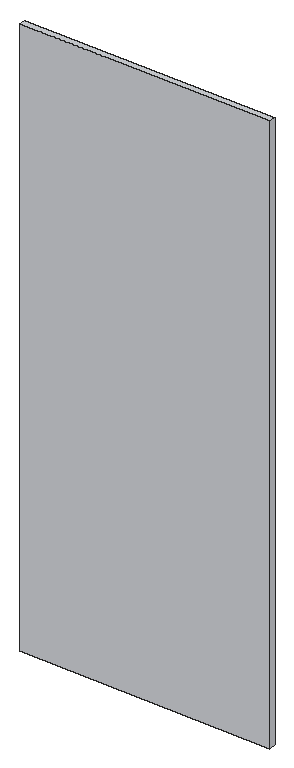
Revit family "Door_CavitySlider", category Doors, host Wall, Revit 2022
Family settings
  Host = Wall
  OmniClass Number = 23.30.10.00
  OmniClass Title = Doors
  Always vertical = Yes
  Cut with Voids When Loaded = No
  Shared = No
  Room Calculation Point = No
Parameters
  Mat_Door = none
  Function = Interior
  Frame Projection Ext. = 25 mm
  Frame Projection Int. = 25 mm
  Frame Width = 75 mm
  Height = 3600 mm
  Wall Closure = By host
  Width = 1600 mm
  DoorThickness = 40 mm
  Define Thermal Properties by = Schematic Type
  Analytic Construction = "<None>"
Reference planes
  plane 1: y = 0
  plane 2 "Center (Left/Right)": x = 0
  plane 3 "Left": x = -800
  plane 4 "Right": x = 800
  plane 5: z = 3600
  plane 6 "Exterior": y = 75
  plane 7 "Interior": y = -75
  plane 8: x = -2400
  plane 9: y = 20
  plane 10: y = -20
  plane 11: y = 40
  plane 12: y = -40
Forms (mm)
  Extrusion 1, void
    sketch origin (0, 0, 0) x (1, 0, 0) y (0, 1, 0)
      loop
        line (-2400, 40) -> (-2400, -40) -> (-800, -40) -> (-800, 40) -> (-2400, 40)
    from 0 to 3600
  Extrusion 2, void
    sketch origin (1200, 0, 0) x (1, 0, 0) y (0, 1, 0)
      loop
        line (-2000, 75) -> (-2000, -75) -> (-400, -75) -> (-400, 75) -> (-2000, 75)
    from 0 to 3600
Text (mm)
  text "Exterior" at (-1376.75, 1099.543, 0), in view "Ref. Level"
  text "Exterior" at (0, 1615.38, 3698.081), in view "Left"
  text "Exterior" at (0, 1036.032, 3874.932), in view "Right"
Dimensions and locks
  equal spacing: plane 3 "Left", plane 2 "Center (Left/Right)", plane 4 "Right"
  "Width": plane 3 "Left" to plane 4 "Right"
  "Height": plane 5 to host wall
  host wall to plane 5 = 3600 mm  (x2)
  locked: plane 6 "Exterior" to host wall
  locked: plane 7 "Interior" to host wall
  "Width": plane 8 to plane 3 "Left"
  equal spacing: plane 9, plane 1, plane 10
  "DoorThickness": plane 9 to plane 10
  locked: plane 12 to plane 10 at 20
  locked: plane 11 to plane 9 at 20
  aligned and locked: plane 1 to host wall
  aligned and locked: host wall to nested 1
  aligned and locked: plane 2 "Center (Left/Right)" to nested 1
  aligned and locked: nested 1 to level
  aligned and locked: Extrusion 1 sketch curve to plane 8
  aligned and locked: Extrusion 1 to plane 5
  aligned and locked: Extrusion 1 to level
  aligned and locked: Extrusion 1 sketch curve to plane 3 "Left"
  aligned and locked: Extrusion 2 sketch curve to host wall
  aligned and locked: Extrusion 1 sketch curve to plane 11
  aligned and locked: Extrusion 1 sketch curve to plane 12
  aligned and locked: host wall to Extrusion 2 sketch curve
  aligned and locked: Extrusion 2 to plane 5
Automatic sketch dimensions
  Extrusion 2 sketch curve to plane 3 "Left" = 0 mm
  Extrusion 2 sketch curve to plane 4 "Right" = 0 mm
Nested families
  nested 1: "DoorPanel" at (0, 0, 0), type "DoorPanel"
    with DoorPanel_Width 1600 mm, DoorPanel_Height 3600 mm
Definition of nested family "DoorPanel"
  Parameters (values of type "DoorPanel")
    DoorPanel_Width = 1200 mm
    DoorPanel_Thickness = 40 mm
    DoorPanel_Height = 2100 mm
    DoorPanel = none
    Default Elevation = 0 mm
  Reference planes
    plane 1 "Center (Front/Back)": y = 0
    plane 2: z = 0
    plane 3 "Center (Left/Right)": x = 0
    plane 4: x = -600
    plane 5: x = 600
    plane 6: y = 20
    plane 7: y = -20
    plane 8: z = 2100
  Forms (mm)
    Extrusion 1, solid, material <- "DoorPanel"
      sketch origin (0, 0, 0) x (1, 0, 0) y (0, 1, 0)
        loop
          line (-600, 20) -> (-600, -20) -> (600, -20) -> (600, 20) -> (-600, 20)
      from 0 to 2100
  Dimensions and locks
    equal spacing: plane 4, plane 3 "Center (Left/Right)", plane 5
    equal spacing: plane 6, plane 1 "Center (Front/Back)", plane 7
    "DoorPanel_Width": plane 4 to plane 5
    "DoorPanel_Thickness": plane 6 to plane 7
    "DoorPanel_Height": plane 8 to plane 2
    aligned and locked: level to plane 2
    aligned and locked: Extrusion 1 sketch curve to plane 6
    aligned and locked: Extrusion 1 sketch curve to plane 7
    aligned and locked: Extrusion 1 sketch curve to plane 4
    aligned and locked: Extrusion 1 sketch curve to plane 5
    aligned and locked: plane 8 to Extrusion 1
    aligned and locked: Extrusion 1 to plane 2
